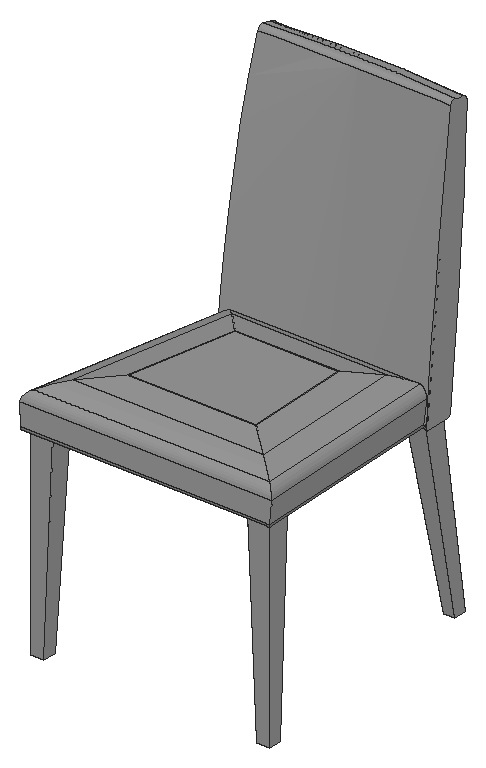
Revit family "Andreu World_Anna_SI1378", category Furniture, Revit 2013
Parameters (values of type "SI-1378")
  Wood = Andreu World Beech
  Width = 470 mm
  Upholstery Material = Andreu World Fabric
  URL = "http://www.andreuworld.com/"
  Seat Height = 460 mm
  Reference = "SI-1378"
  Model = "Anna"
  Manufacturer = "Andreu World"
  Height = 875 mm
  Front Legs Height = 435 mm
  Description = "Chair with upholstered seat and backrest and solid beech wood frame. Low back version and removable covers."
  Depth = 540 mm
  Arms Height = 650 mm
Reference planes
  plane 1 "Center (Front/Back)": y = 0
  plane 2: z = 0
  plane 3 "Center (Left/Right)": x = 0
  plane 4 "Left": x = -235
  plane 5 "Right": x = 235
  plane 6 "Back": y = 270
  plane 7 "Front": y = -270
  plane 8 "Seat Height": z = 460
  plane 9 "Height": z = 875
  plane 10 "Front Legs Height": z = 435
  plane 11 "Back Legs 01": z = 353.275
  plane 12 "Back Legs Height": z = 845
  plane 13 "Seat Base": through (0, 154.276, 353.275) normal (0, 0.0684, 0.9977)
  plane 14 "Seat Top": through (0, -483.101, 492.171) normal (0, -0.0684, -0.9977)
Forms (mm)
  Blend 1, solid, material "Andreu World Beech" <- "Wood", detail levels medium+fine
    base sketch origin (0, 0, 0) x (1, 0, 0) y (0, 1, 0)
      loop
        line (227.951, -265.797) -> (227.951, -240.797) -> (202.951, -240.797) -> (202.951, -265.797) -> (227.951, -265.797)
    top sketch origin (0, 0, 0) x (1, 0, 0) y (0, 1, 0)
      loop
        line (227.951, -265.797) -> (227.951, -222.797) -> (184.951, -222.797) -> (184.951, -265.797) -> (227.951, -265.797)
    from 0 to 435
  Blend 2, solid, material "Andreu World Beech" <- "Wood", detail levels medium+fine
    base sketch origin (0, 0, 0) x (1, 0, 0) y (0, 1, 0)
      loop
        line (196.335, 239.327) -> (174.335, 239.327) -> (174.335, 217.327) -> (196.335, 217.327) -> (196.335, 239.327)
    top sketch origin (0, 0, 0) x (1, 0, 0) y (0, 1, 0)
      loop
        line (191.448, 194.276) -> (151.448, 194.276) -> (151.448, 154.276) -> (191.448, 154.276) -> (191.448, 194.276)
    from 0 to 353.275
  Blend 3, solid, material "Andreu World Beech" <- "Wood", detail levels medium+fine
    base sketch origin (0, 0, 0) x (-1, 0, 0) y (0, -1, 0)
      loop
        line (227.951, 265.797) -> (202.951, 265.797) -> (202.951, 240.797) -> (227.951, 240.797) -> (227.951, 265.797)
    top sketch origin (0, 0, 0) x (-1, 0, 0) y (0, -1, 0)
      loop
        line (227.951, 265.797) -> (184.951, 265.797) -> (184.951, 222.797) -> (227.951, 222.797) -> (227.951, 265.797)
    from 0 to 435
  Blend 4, solid, material "Andreu World Beech" <- "Wood", detail levels medium+fine
    base sketch origin (0, 0, 0) x (-1, 0, 0) y (0, -1, 0)
      loop
        line (196.335, -239.327) -> (196.335, -217.327) -> (174.335, -217.327) -> (174.335, -239.327) -> (196.335, -239.327)
    top sketch origin (0, 0, 0) x (-1, 0, 0) y (0, -1, 0)
      loop
        line (191.448, -194.276) -> (191.448, -154.276) -> (151.448, -154.276) -> (151.448, -194.276) -> (191.448, -194.276)
    from 0 to 353.275
  Extrusion 5, solid, material "Andreu World Fabric" <- "Upholstery Material"
    sketch origin (0, 24.814, 362.146) x (0, 0.997661, -0.06836) y (-1, 0, 0)
      loop
        line (32.162, 101.99) -> (-194.808, 125.08) -> (-194.808, -119.146) -> (32.162, -96.055) -> (32.162, 101.99)
    from -0.12 to 95
  Sweep 6, solid, material "Andreu World Fabric" <- "Upholstery Material"
    path origin (0, 24.814, 362.146) x (0, 0.997661, -0.06836) y (-1, 0, 0)
      loop
        line (-194.808, 125.08) -> (-194.808, -119.146) -> (32.162, -96.055) -> (32.162, 101.99) -> (-194.808, 125.08)
    profile origin (-2.967, -169.538, 375.463) x (0, 0.997661, -0.06836) y (0, 0.06836, 0.997661)
      loop
        arc (0, 95.057) -> (-27.887, 91.972) -> (-55.299, 85.995) r 268.495
        arc (-55.299, 85.995) -> (-75.105, 78.939) -> (-93.63, 68.993) r 139.838
        arc (-93.63, 68.993) -> (-102.999, 60.15) -> (-106.788, 47.837) r 25.257
        arc (-106.788, 47.837) -> (-106.843, 27.128) -> (-105.324, 6.474) r 272.409
        arc (-105.324, 6.474) -> (-103.641, 1.836) -> (-99.112, -0.12) r 6.223
        line (-99.112, -0.12) -> (0, -0.12) -> (0, 95.057)
  Sweep 7, solid, material "Andreu World Fabric" <- "Upholstery Material"
    path origin (0, 2.567, 875) x (-1, 0, 0) y (0, -1, 0)
      loop
        arc (235, -247.331) -> (0, -261.342) -> (-235, -247.331) r 1977.781
    profile origin (0, 263.91, 875) x (0, 1, 0) y (0, 0, 1)
      loop
        line (-3.389, -0.865) -> (-21.395, 2.361)
        arc (-21.395, 2.361) -> (-28.708, 0.836) -> (-32.924, -5.331) r 10
        arc (-32.924, -5.331) -> (-79.964, -259.524) -> (-109.698, -516.318) r 3818.846
        arc (-109.698, -516.318) -> (-108.391, -520.113) -> (-104.715, -521.725) r 5
        line (-104.715, -521.725) -> (-60.136, -521.725)
        arc (-60.136, -521.725) -> (-56.81, -520.458) -> (-55.169, -517.301) r 5
        line (-55.169, -517.301) -> (3.687, -10.39)
        arc (3.687, -10.39) -> (2.036, -4.226) -> (-3.389, -0.865) r 8.662
  Extrusion 8, void
    sketch origin (0, 0, 0) x (1, 0, 0) y (0, 0, 1)
      loop
        line (-300, 353.275) -> (-200.361, 353.275)
        arc (-200.361, 353.275) -> (-195.912, 642.606) -> (-180, 931.533) r 7300.204
        line (-180, 931.533) -> (-300, 931.533) -> (-300, 353.275)
    from -392.28 to -84.235
  Extrusion 9, void
    sketch origin (0, 0, 0) x (-1, 0, 0) y (0, 0, -1)
      loop
        line (-300, -353.275) -> (-300, -931.533) -> (-180, -931.533)
        arc (-180, -931.533) -> (-195.912, -642.606) -> (-200.361, -353.275) r 7300.204
        line (-200.361, -353.275) -> (-300, -353.275)
    from -392.28 to -84.235
Cuts and joins
  Extrusion 8 cuts Blend 3
  Extrusion 8, Extrusion 9 cuts Sweep 7
Lines and regions (mm)
  model lines, detail levels coarse+medium
    curve 1: line (224.657, -274.173, 0) -> (-224.657, -274.173, 0)
    curve 2: arc (-191.328, 252.066, 0) -> (0, 261.342, 0) -> (191.328, 252.066, 0) r 1977.781
    curve 3: line (-196.335, 217.327, 0) -> (-196.335, 239.327, 0)
    curve 4: line (-174.335, 217.327, 0) -> (-196.335, 217.327, 0)
    curve 5: line (-174.335, 239.327, 0) -> (-174.335, 217.327, 0)
    curve 6: line (174.335, 217.327, 0) -> (174.335, 239.327, 0)
    curve 7: line (196.335, 217.327, 0) -> (174.335, 217.327, 0)
    curve 8: line (196.335, 239.327, 0) -> (196.335, 217.327, 0)
    curve 9: line (174.335, 239.327, 0) -> (196.335, 239.327, 0)
    curve 10: line (202.951, -265.797, 0) -> (227.951, -265.797, 0)
    curve 11: line (202.951, -265.797, 0) -> (202.951, -240.797, 0)
    curve 12: line (202.951, -240.797, 0) -> (227.951, -240.797, 0)
    curve 13: line (227.951, -265.797, 0) -> (227.951, -240.797, 0)
    curve 14: line (-227.951, -240.797, 0) -> (-227.951, -265.797, 0)
    curve 15: line (-227.951, -240.797, 0) -> (-202.951, -240.797, 0)
    curve 16: line (-202.951, -240.797, 0) -> (-202.951, -265.797, 0)
    curve 17: line (-227.951, -265.797, 0) -> (-202.951, -265.797, 0)
    curve 18: arc (224.657, -274.173, 0) -> (232.078, -270.876, 0) -> (234.605, -263.159, 0) r 10
    curve 19: line (-200.361, 148.448, 0) -> (-234.605, -263.159, 0)
    curve 20: arc (-224.657, -274.173, 0) -> (-232.078, -270.876, 0) -> (-234.605, -263.159, 0) r 10
    curve 21: line (-200.361, 148.448, 0) -> (-200.361, 242.113, 0)
    curve 22: line (200.361, 242.113, 0) -> (200.361, 148.448, 0)
    curve 23: line (234.605, -263.159, 0) -> (200.361, 148.448, 0)
    curve 24: arc (-200.361, 175.764, 0) -> (0, 186.342, 0) -> (200.361, 175.764, 0) r 1902.781
    curve 25: arc (-191.328, 252.066, 0) -> (-197.766, 248.833, 0) -> (-200.361, 242.113, 0) r 10
    curve 26: arc (200.361, 242.113, 0) -> (197.766, 248.833, 0) -> (191.328, 252.066, 0) r 10
Dimensions and locks
  "Width": plane 4 "Left" to plane 5 "Right"
  equal spacing: plane 4 "Left", plane 3 "Center (Left/Right)", plane 5 "Right"
  "Depth": plane 6 "Back" to plane 7 "Front"
  equal spacing: plane 6 "Back", plane 1 "Center (Front/Back)", plane 7 "Front"
  "Seat Height": plane 8 "Seat Height" to level
  "Height": plane 9 "Height" to level
  "Front Legs Height": plane 10 "Front Legs Height" to level
  locked: plane 9 "Height" to plane 12 "Back Legs Height" at 30
  plane 8 "Seat Height" to plane 10 "Front Legs Height" = 25 mm
  aligned and locked: level to plane 2
  aligned and locked: Blend 1 sketch curve to var sketch  (x2)
  aligned and locked: Blend 1 to level
  aligned and locked: Blend 2 to plane 11 "Back Legs 01"
  aligned and locked: Blend 2 to level
  aligned and locked: Blend 3 sketch curve to var sketch  (x2)
  aligned and locked: Extrusion 5 to plane 14 "Seat Top"
  aligned and locked: Sweep 6 sketch curve to Extrusion 5  (x5)
  aligned and locked: Sweep 6 to curve 1
  aligned and locked: curve 3 to Blend 4
  aligned and locked: curve 4 to Blend 4
  aligned and locked: curve 5 to Blend 4
  aligned and locked: Blend 1 to curve 10
  aligned and locked: curve 11 to Blend 1
  aligned and locked: curve 12 to Blend 1
  aligned and locked: curve 13 to Blend 1
  aligned and locked: cut or joined group of Blend 3, Extrusion 8 to curve 14
  aligned and locked: curve 15 to cut or joined group of Blend 3, Extrusion 8
  aligned and locked: curve 16 to cut or joined group of Blend 3, Extrusion 8
  aligned and locked: curve 17 to cut or joined group of Blend 3, Extrusion 8
Automatic sketch dimensions
  plane 7 "Front" to Blend 1 sketch curve = 4.203 mm
  Blend 1 sketch curve to plane 5 "Right" = 32.049 mm
  Blend 1 sketch curve to plane 5 "Right" = 7.049 mm
  plane 7 "Front" to Blend 1 sketch curve = 29.203 mm
  Blend 1 sketch curve to plane 5 "Right" = 50.049 mm
  plane 7 "Front" to Blend 1 sketch curve = 47.203 mm
  Blend 2 sketch curve to plane 5 "Right" = 60.665 mm
  Blend 2 sketch curve to plane 6 "Back" = 52.673 mm
  Blend 2 sketch curve to Blend 2 sketch curve = 22 mm  (x2)
  Blend 2 sketch curve to plane 5 "Right" = 83.552 mm
  Blend 2 sketch curve to plane 5 "Right" = 43.552 mm
  Blend 2 sketch curve to plane 6 "Back" = 115.724 mm
  Blend 2 sketch curve to Blend 2 sketch curve = 40 mm
  Blend 3 sketch curve to plane 7 "Front" = 4.203 mm
  Blend 3 sketch curve to plane 4 "Left" = 32.049 mm
  Blend 3 sketch curve to plane 4 "Left" = 7.049 mm
  Blend 3 sketch curve to plane 7 "Front" = 29.203 mm
  Blend 3 sketch curve to plane 4 "Left" = 50.049 mm
  Blend 3 sketch curve to plane 7 "Front" = 47.203 mm
  Blend 4 sketch curve to plane 4 "Left" = 60.665 mm
  plane 6 "Back" to Blend 4 sketch curve = 52.673 mm
  Blend 4 sketch curve to Blend 4 sketch curve = 22 mm  (x2)
  Blend 4 sketch curve to plane 4 "Left" = 83.552 mm
  Blend 4 sketch curve to plane 4 "Left" = 43.552 mm
  plane 6 "Back" to Blend 4 sketch curve = 115.724 mm
  Blend 4 sketch curve to Blend 4 sketch curve = 40 mm
  plane 4 "Left" to Extrusion 5 sketch curve = 109.92 mm
  Extrusion 5 sketch curve to plane 5 "Right" = 115.854 mm
  plane 3 "Center (Left/Right)" to Extrusion 5 sketch curve = 96.055 mm
  Extrusion 5 sketch curve to plane 3 "Center (Left/Right)" = 101.99 mm
  Extrusion 5 sketch curve to Extrusion 5 sketch curve = 226.97 mm
  Sweep 6 sketch curve to plane 13 "Seat Base" = 0.12 mm
  profile plane to Sweep 6 sketch curve = 99.112 mm
  plane 13 "Seat Base" to Sweep 6 sketch curve = 95.057 mm
  Sweep 6 sketch curve to Sweep 6 sketch curve = 7.677 mm
  Sweep 6 sketch curve to Sweep 6 sketch curve = 0 mm  (x2)
  Sweep 6 sketch curve to Sweep 6 sketch curve = 6.212 mm
  Sweep 6 sketch curve to Sweep 6 sketch curve = 13.158 mm
  Sweep 6 sketch curve to Sweep 6 sketch curve = 12.078 mm
  Sweep 6 sketch curve to Sweep 6 sketch curve = 38.331 mm
  profile plane to Sweep 6 sketch curve = 18.407 mm
  Sweep 6 sketch curve to profile plane = 15.535 mm
  plane 13 "Seat Base" to Sweep 6 sketch curve = 36.765 mm
  Sweep 6 sketch curve to profile plane = 165.396 mm
  Sweep 6 sketch curve to plane 13 "Seat Base" = 172.988 mm
  Sweep 7 sketch curve to plane 5 "Right" = 0 mm
  Sweep 7 sketch curve to plane 3 "Center (Left/Right)" = 0 mm
  Sweep 7 sketch curve to plane 4 "Left" = 0 mm
  Sweep 7 sketch curve to plane 6 "Back" = 20.101 mm
  Sweep 7 sketch curve to plane 7 "Front" = 1443.872 mm
  profile plane to Sweep 7 sketch curve = 104.715 mm
  Sweep 7 sketch curve to plane 9 "Height" = 521.725 mm
  Sweep 7 sketch curve to Sweep 7 sketch curve = 44.579 mm
  Sweep 7 sketch curve to Sweep 7 sketch curve = 4.967 mm
  plane 9 "Height" to Sweep 7 sketch curve = 2.361 mm
  profile plane to Sweep 7 sketch curve = 21.395 mm
  Sweep 7 sketch curve to plane 9 "Height" = 0.865 mm
  profile plane to Sweep 7 sketch curve = 3.389 mm
  Sweep 7 sketch curve to profile plane = 3.687 mm
  Sweep 7 sketch curve to Sweep 7 sketch curve = 4.983 mm
  Sweep 7 sketch curve to Sweep 7 sketch curve = 0 mm  (x2)
  Sweep 7 sketch curve to plane 9 "Height" = 5.331 mm
  Sweep 7 sketch curve to Sweep 7 sketch curve = 11.529 mm
  Sweep 7 sketch curve to plane 9 "Height" = 7.483 mm
  profile plane to Sweep 7 sketch curve = 4.917 mm
  Sweep 7 sketch curve to Sweep 7 sketch curve = 4.423 mm
  Sweep 7 sketch curve to plane 9 "Height" = 10.39 mm
  Extrusion 8 sketch curve to plane 11 "Back Legs 01" = 0 mm
  Extrusion 8 sketch curve to plane 4 "Left" = 65 mm
  plane 9 "Height" to Extrusion 8 sketch curve = 56.533 mm
  plane 4 "Left" to Extrusion 8 sketch curve = 34.639 mm
  Extrusion 8 sketch curve to Extrusion 8 sketch curve = 120 mm
  Extrusion 8 sketch curve to plane 11 "Back Legs 01" = 32.446 mm
  Extrusion 9 sketch curve to plane 11 "Back Legs 01" = 0 mm
  Extrusion 9 sketch curve to plane 5 "Right" = 65 mm
  Extrusion 9 sketch curve to plane 9 "Height" = 56.533 mm
  plane 5 "Right" to Extrusion 9 sketch curve = 34.639 mm
  Extrusion 9 sketch curve to Extrusion 9 sketch curve = 120 mm
  plane 11 "Back Legs 01" to Extrusion 9 sketch curve = 32.446 mm
  curve 2 to curve 24 = 0 mm  (x4)
  plane 4 "Left" to curve 19 = 0.395 mm
  plane 7 "Front" to curve 19 = 6.841 mm
  curve 14 to curve 1 = 3.294 mm
  plane 4 "Left" to curve 21 = 34.639 mm
  curve 21 to curve 3 = 4.025 mm
  curve 3 to curve 5 = 22 mm
  curve 22 to plane 5 "Right" = 34.639 mm
  curve 1 to curve 10 = 3.294 mm
  curve 23 to plane 5 "Right" = 0.395 mm
  curve 25 to curve 2 = 9.033 mm
  curve 25 to curve 2 = 0 mm
  curve 26 to curve 26 = 10 mm
  curve 26 to curve 2 = 0.967 mm
  plane 7 "Front" to curve 23 = 6.841 mm
  curve 19 to curve 3 = 68.88 mm
  curve 22 to curve 7 = 68.88 mm
  curve 19 to curve 24 = 27.316 mm
  curve 5 to curve 25 = 2.786 mm
  curve 3 to curve 21 = 2.786 mm
  curve 6 to plane 5 "Right" = 60.665 mm
  curve 22 to plane 6 "Back" = 121.552 mm
  curve 24 to plane 3 "Center (Left/Right)" = 0 mm
  curve 6 to curve 8 = 22 mm
  curve 3 to curve 25 = 5.975 mm
  curve 6 to curve 6 = 22 mm
  curve 8 to curve 22 = 2.786 mm
